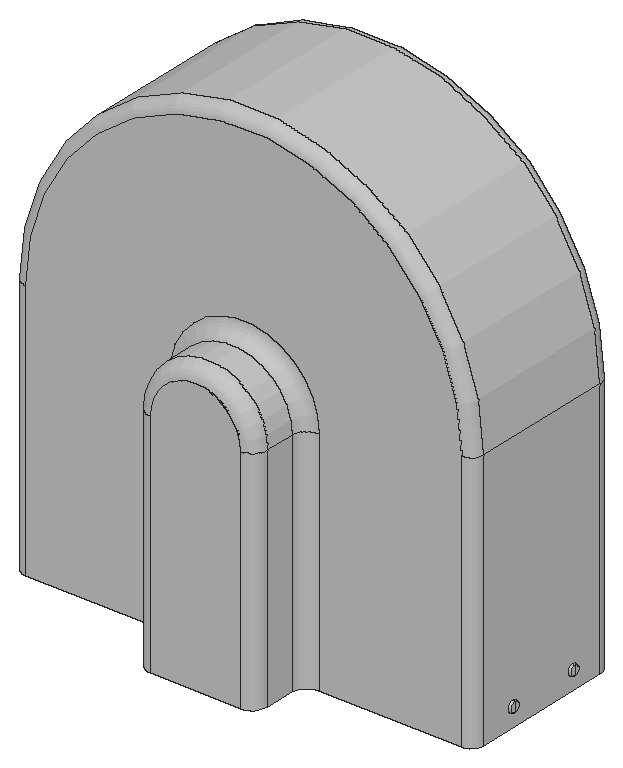
Revit family "PRD_FrankeWS_WlHngWshBsns_ANIMASingleWashbasin_ANMX460_ANMX461", category Plumbing Fixtures, host Face, Revit 2018
Family settings
  Host = Face
  Round Connector Dimension = Use Diameter
  Part Type = Normal
  OmniClass Number = 23.45.05.14.14.27
  OmniClass Title = Service Sinks
  Cut with Voids When Loaded = Yes
  Shared = Yes
  Room Calculation Point = No
Parameters (values of type "ANMX460")
  WasteSize = "DN 32"
  WasteKitIncluded = "Yes"
  WasteHoleProjection = "215.00 mm"
  WasteHolePosition = "Center back"
  WashHandBasinType = "HandRinse"
  WarrantyStartDate [instance] = "1900-12-31T23:59:59"
  WarrantyGuarantorParts = "n/a"
  WarrantyGuarantorLabor = "n/a"
  WarrantyDurationUnit = "year"
  WarrantyDurationParts = "n/a"
  WarrantyDurationLabor = "n/a"
  WarrantyDescription = "n/a"
  Version = "1"
  Uniclass2015Version = "Products v1.23"
  Uniclass2015Title = "Wall-hung washbasins"
  Uniclass2015Code = "Pr_40_20_96_96"
  URL = "www.kwc.com"
  TypeOfWasteKit = "Welded perforated waste (non removable)"
  TypeOfMounting = "Wall mounting"
  TypeOfBasin = "Wash basin"
  TapLedge = "Yes"
  TapHolePosition = "n/a"
  TapHoleDiameter = "n/a"
  TapHole = no
  TailorMade = "n/a"
  TagNumber [instance] = "n/a"
  SustainabilityPerformance = "n/a"
  Splashback = "No"
  Spillway = "n/a"
  Size = "460 x 170 x 490 mm (W x H x D)"
  SiphonIncluded = "Yes"
  SiphonDiameter = "DN 50"
  Shape = "n/a"
  SerialNumber [instance] = "n/a"
  Revision = "n/a"
  ReplacementCost = "n/a"
  RearUpstand = "No"
  ProductInformation = "https://pim.kwc.com/product/2000102710/attachment/datasheet?locale=en"
  ProductCode = "203.0521.091"
  Overflow = "n/a"
  NumberOfTapHoles = "0"
  NumberOfBowls = "1"
  NominalWidth = 460.00 mm
  NominalHeight = 170.00 mm
  NominalDepth = 490.00 mm
  NetWeight = 9.00 kg
  Name = "ANIMA Single washbasin ANMX460"
  NBSTypeID = "n/a"
  NBSReference = "45-35-70/369"
  NBSOfficeMasterTag = "n/a"
  NBSNote = "n/a"
  NBSDescription = "Wall hung wash basins"
  NBSCertification = "n/a"
  MountingOffset = 0.00 mm
  Mounting = "WallHung"
  ModelReference = "ANMX460"
  ModelNumber = "2000102710"
  Model = ModelReference  # "ANMX460"
  MaterialThickness = "1.20 mm"
  MaterialCode = "1.4301 Chrome Nickel steel V2A"
  Material = "stainless steel"
  ManufacturerURL = "www.kwc.com"
  ManufacturerName = "KWC Group AG"  # constant formula
  Manufacturer = ManufacturerName  # "KWC Group AG"
  IntegralAccessories = "fixing material included"
  InstallationDate [instance] = "1900-12-31T23:59:59"
  IfcExportType = "WASHHANDBASIN"
  IfcExportAs = "IfcSanitaryTerminalType"
  Flow = 0.0 L/s
  BowlWidth = "420.00 mm"
  BowlShape = "Circle with straight sides"
  BowlPosition = "Center"
  BowlHeight = "140.00 mm"
  BowlFinish = "Satin finish"
  BowlDepth = "360.00 mm"
  GrossWeight = 9.10 kg
  Grade = "n/a"
  Finish = "Satin finish"
  Features = "stainless steel, surface satin finished, material thickness 1.2 mm"
  ExpectedLife = "n/a"
  DurationUnit = "year"
  DrainSize = 50.00 mm
  DiameterNominal = 50.00 mm
  Description = "Single wash basin for wall-mounting, made of stainless steel, surface satin finished, material thickness 1.2 mm. Seamless wash basin in one piece with rounded edges, tap landing without tap hole, strainer waste valve, DN 40/50 siphon included, without overflow. Mounting from the front, fixing material included. Wash basin suitable for areas exposed to vandalism and wheelchair users."
  Default Elevation = 925.00 mm
  CreatedOn = "04/2022"  # constant formula
  Constituents = "n/a"
  Color = "n/a"
  CodePerformance = "n/a"
  Category = "Pr_40_20_96_96, Wall-hung washbasins"
  SinkMaterial = PRD_AR_StainlessSteel_SatinFinished
  BarCode [instance] = "n/a"
  BIMObjectName = "PRD_AR_WallHungWashbasins_ANIMASingleWashbasin_ANMX460"
  Author = "Archispace"  # constant formula
  AssetType = "Fixed"
  AssetIdentifier [instance] = "n/a"
  AccessibilityPerformance = "n/a"
Types (2, lengths in mm): name | TapHolePosition | TapHoleDiameter | TapHole | TailorMade | Spillway | ProductInformation | ProductCode | Overflow | NumberOfTapHoles | NetWeight | Name | ModelReference | ModelNumber | Model | GrossWeight | Description | BIMObjectName
  ANMX460 | "n/a" | "n/a" | no | "n/a" | "n/a" | "https://pim.kwc.com/product/2000102710/attachment/datasheet?locale=en" | "203.0521.091" | "n/a" | "0" | 9.00 kg | "ANIMA Single washbasin ANMX460" | "ANMX460" | "2000102710" | "ANMX460" | 9.10 kg | "Single wash basin for wall-mounting, made of stainless steel, surface satin finished, material thickness 1.2 mm. Seamless wash basin in one piece with rounded edges, tap landing without tap hole, strainer waste valve, DN 40/50 siphon included, without overflow. Mounting from the front, fixing material included. Wash basin suitable for areas exposed to vandalism and wheelchair users." | "PRD_AR_WallHungWashbasins_ANIMASingleWashbasin_ANMX460"
  ANMX461 | "Middle" | "35.00 mm" | yes | "No" | "No" | "https://pim.kwc.com/product/2000102711/attachment/datasheet?locale=en" | "203.0637.183" | "No" | "1" | 8.80 kg | "ANIMA Single washbasin ANMX461" | "ANMX461" | "2000102711" | "ANMX461" | 9.26 kg | "Single wash basin for wall-mounting, made of stainless steel, surface satin finished, material thickness 1.2 mm. Seamless wash basin in one piece with rounded edges, tap landing with tap hole 35 mm, strainer waste valve, DN 40/50 siphon included, without overflow. Mounting from the front, fixing material included. Wash basin suitable for areas exposed to vandalism and wheelchair users." | "PRD_AR_WallHungWashbasins_ANIMASingleWashbasin_ANMX461"
Reference planes
  plane 1 "Center (Front/Back)": y = 0
  plane 2: z = 0
  plane 3 "Center (Left/Right)": x = 0
Forms (mm)
  Extrusion 1, solid, not visible
    sketch origin (0, 0, 0) x (1, 0, 0) y (0, 1, 0)
      loop
        circle (0, 0) r 25
    from 0 to 5
Dimensions and locks
  aligned and locked: plane 2 to host face
  aligned and locked: level to host face
  aligned and locked: level to nested 1
  aligned and locked: plane 3 "Center (Left/Right)" to nested 1
Nested families
  nested 1: "Sink" at (0, -65, 0) x (1, 0, 0) z (0, 1, 0), TapHole <- "TapHole", type "Sink"
    with TapHole no
Connectors
  piping at (0, 0, 0), diameter 50, driven by "DiameterNominal", driven by "SiphonDiameter", driven by "Flow"
    settings: on nested 1, index 1, connector inside diameter 609.60 mm, connector length 0.00 mm, flow factor 0, pipe flow 0.0 L/s, pressure drop 0.0 Pa, fitting loss kfactor 0, connector angle 0.00°, fixture units 0, engagement length 0.00 mm, angle of deflection 0.00°, flow configuration 0, flow direction 2, fitting loss method 0, system type 8, joint type 0, gender type 0, connector reference index -1, connector utility 0, adjustable connector no, is connector primary yes, connector description "DN 50"
Definition of nested family "Sink"
  Parameters (values of type "Sink")
    TapHole [instance] = yes
    Material = none
    Default Elevation = 1219.20 mm
  Reference planes
    plane 1 "Center (Front/Back)": y = 0
    plane 2: z = 0
    plane 3 "Center (Left/Right)": x = 0
    plane 4: z = 230
  Forms (mm)
    Extrusion 1, solid, material <- "Material", detail levels fine
      sketch origin (0, 0, 0) x (1, 0, 0) y (0, 1, 0)
        loop
          line (-217.5, 0) -> (-217.5, -260)
          arc (-217.5, -260) -> (0, -477.5) -> (217.5, -260) r 217.5
          line (217.5, -260) -> (217.5, 0) -> (-217.5, 0)
      from 60 to 230
    Sweep 2, solid, material <- "Material", detail levels fine
      path in 3D
        loop
          line (217.5, 0, 230) -> (217.5, -260, 230)
          arc (217.5, -260, 230) -> (0, -477.5, 230) -> (-217.5, -260, 230) r 217.5
          line (-217.5, -260, 230) -> (-217.5, 0, 230)
      profile origin (0, -477.5, 230) x (0, -1, 0) y (0, 0, 1)
        loop
          line (0, 0) -> (0, -170)
          arc (0, -170) -> (8.839, -166.339) -> (12.5, -157.5) r 12.5
          line (12.5, -157.5) -> (12.5, -12.5)
          arc (12.5, -12.5) -> (8.839, -3.661) -> (0, 0) r 12.5
    Extrusion 3, solid, material <- "Material", detail levels fine
      sketch origin (0, 0, 0) x (1, 0, 0) y (0, 1, 0)
        loop
          line (-45, 0) -> (-45, -230)
          arc (-45, -230) -> (0, -275) -> (45, -230) r 45
          line (45, -230) -> (45, 0) -> (-45, 0)
      from 0 to 60
    Sweep 4, solid, material <- "Material", detail levels fine
      path in 3D
        loop
          line (-45, 0, 0) -> (-45, -230, 0)
          arc (-45, -230, 0) -> (0, -275, 0) -> (45, -230, 0) r 45
          line (45, -230, 0) -> (45, 0, 0)
      profile origin (0, -275, 0) x (0, -1, 0) y (0, 0, -1)
        loop
          line (0, 0) -> (0, -60) -> (30, -60)
          arc (30, -60) -> (19.393, -55.607) -> (15, -45) r 15
          line (15, -45) -> (15, -15)
          arc (15, -15) -> (10.607, -4.393) -> (0, 0) r 15
    Extrusion 5, void
      sketch origin (0, 0, 0) x (1, 0, 0) y (0, 1, 0)
        loop
          line (-215.479, -221.821) -> (-215.479, -259.995)
          arc (-215.479, -259.995) -> (0, -475.474) -> (215.479, -259.995) r 215.479
          line (215.479, -259.995) -> (215.479, -221.821)
          arc (215.479, -221.821) -> (182.587, -142.413) -> (103.179, -109.521) r 112.3
          line (103.179, -109.521) -> (-103.179, -109.521)
          arc (-103.179, -109.521) -> (-182.587, -142.413) -> (-215.479, -221.821) r 112.3
      from 90 to 230
    Sweep 6, solid, material <- "Material", detail levels fine
      path origin (0, 0, 0) x (1, 0, 0) y (0, 1, 0)
        loop
          arc (-103.179, -121.821) -> (-173.889, -151.111) -> (-203.179, -221.821) r 100
          line (-203.179, -221.821) -> (-203.179, -259.995)
          arc (-203.179, -259.995) -> (0, -463.174) -> (203.179, -259.995) r 203.179
          line (203.179, -259.995) -> (203.179, -221.821)
          arc (203.179, -221.821) -> (173.889, -151.111) -> (103.179, -121.821) r 100
          line (103.179, -121.821) -> (-103.179, -121.821)
      profile origin (0, -121.821, 0) x (0, 1, 0) y (0, 0, 1)
        loop
          line (12.3, 90) -> (12.3, 230) -> (11.384, 230)
          arc (11.384, 230) -> (4.059, 227.334) -> (0.161, 220.583) r 11.396
          line (0.161, 220.583) -> (-14.122, 139.581)
          arc (-14.122, 139.581) -> (-34.643, 104.037) -> (-73.21, 90) r 60
          line (-73.21, 90) -> (12.3, 90)
    Extrusion 7, void
      sketch origin (0, -1.25, 0) x (1, 0, 0) y (0, 1, 0)
        loop
          arc (-1.75, -207) -> (0, -208.75) -> (1.75, -207) r 1.75
          line (1.75, -207) -> (1.75, -195)
          arc (1.75, -195) -> (0, -193.25) -> (-1.75, -195) r 1.75
          line (-1.75, -195) -> (-1.75, -207)
        loop
          circle (6.584, -196.911) r 2.5
        loop
          arc (-6.483, -209.997) -> (-4.017, -210.212) -> (-3.802, -207.747) r 1.75
          line (-3.802, -207.747) -> (-11.515, -198.554)
          arc (-11.515, -198.554) -> (-13.981, -198.339) -> (-14.196, -200.804) r 1.75
          line (-14.196, -200.804) -> (-6.483, -209.997)
        loop
          circle (-6.584, -196.911) r 2.5
        loop
          arc (-8.182, -215.334) -> (-6.155, -213.915) -> (-7.575, -211.887) r 1.75
          line (-7.575, -211.887) -> (-19.392, -209.804)
          arc (-19.392, -209.804) -> (-21.42, -211.223) -> (-20, -213.25) r 1.75
          line (-20, -213.25) -> (-8.182, -215.334)
        loop
          circle (-16.671, -205.375) r 2.5
        loop
          arc (-6.053, -220.516) -> (-5.413, -218.125) -> (-7.803, -217.484) r 1.75
          line (-7.803, -217.484) -> (-18.196, -223.484)
          arc (-18.196, -223.484) -> (-18.836, -225.875) -> (-16.446, -226.516) r 1.75
          line (-16.446, -226.516) -> (-6.053, -220.516)
        loop
          circle (-18.958, -218.343) r 2.5
        loop
          arc (-1.092, -223.116) -> (-2.138, -220.873) -> (-4.381, -221.919) r 1.75
          line (-4.381, -221.919) -> (-8.485, -233.195)
          arc (-8.485, -233.195) -> (-7.439, -235.438) -> (-5.196, -234.392) r 1.75
          line (-5.196, -234.392) -> (-1.092, -223.116)
        loop
          circle (-12.374, -229.746) r 2.5
        loop
          arc (4.381, -221.919) -> (2.138, -220.873) -> (1.092, -223.116) r 1.75
          line (1.092, -223.116) -> (5.196, -234.392)
          arc (5.196, -234.392) -> (7.439, -235.438) -> (8.485, -233.195) r 1.75
          line (8.485, -233.195) -> (4.381, -221.919)
        loop
          circle (0, -234.25) r 2.5
        loop
          arc (7.803, -217.484) -> (5.413, -218.125) -> (6.053, -220.516) r 1.75
          line (6.053, -220.516) -> (16.446, -226.516)
          arc (16.446, -226.516) -> (18.836, -225.875) -> (18.196, -223.484) r 1.75
          line (18.196, -223.484) -> (7.803, -217.484)
        loop
          circle (12.374, -229.746) r 2.5
        loop
          arc (7.575, -211.887) -> (6.155, -213.915) -> (8.182, -215.334) r 1.75
          line (8.182, -215.334) -> (20, -213.25)
          arc (20, -213.25) -> (21.42, -211.223) -> (19.392, -209.804) r 1.75
          line (19.392, -209.804) -> (7.575, -211.887)
        loop
          circle (18.958, -218.343) r 2.5
        loop
          arc (3.802, -207.747) -> (4.017, -210.212) -> (6.483, -209.997) r 1.75
          line (6.483, -209.997) -> (14.196, -200.804)
          arc (14.196, -200.804) -> (13.981, -198.339) -> (11.515, -198.554) r 1.75
          line (11.515, -198.554) -> (3.802, -207.747)
        loop
          circle (16.671, -205.375) r 2.5
      from 88.801 to 90
    Extrusion 8, solid, material <- "Material", detail levels medium
      sketch origin (0, 0, 0) x (1, 0, 0) y (0, 1, 0)
        loop
          line (-230, 0) -> (-230, -260)
          arc (-230, -260) -> (0, -490) -> (230, -260) r 230
          line (230, -260) -> (230, 0) -> (-230, 0)
      from 60 to 230
    Extrusion 9, solid, material <- "Material", detail levels medium
      sketch origin (0, 0, 0) x (1, 0, 0) y (0, 1, 0)
        loop
          line (-75, 0) -> (-75, -230)
          arc (-75, -230) -> (0, -305) -> (75, -230) r 75
          line (75, -230) -> (75, 0) -> (-75, 0)
      from 0 to 60
    Extrusion 10, void
      sketch origin (-500, 0, 0) x (1, 0, 0) y (0, 1, 0)
        loop
          line (603.179, -121.821) -> (396.821, -121.821)
          arc (396.821, -121.821) -> (326.111, -151.111) -> (296.821, -221.821) r 100
          line (296.821, -221.821) -> (296.821, -259.995)
          arc (296.821, -259.995) -> (500, -463.174) -> (703.179, -259.995) r 203.179
          line (703.179, -259.995) -> (703.179, -221.821)
          arc (703.179, -221.821) -> (673.889, -151.111) -> (603.179, -121.821) r 100
      from 90 to 230
    Extrusion 11, solid, material <- "Material", detail levels coarse
      sketch origin (0, 0, 0) x (1, 0, 0) y (0, 1, 0)
        loop
          line (-230, 0) -> (-230, -260)
          arc (-230, -260) -> (0, -490) -> (230, -260) r 230
          line (230, -260) -> (230, 0) -> (-230, 0)
      from 0 to 230
    Revolve 12, solid, material <- "Material", detail levels fine
      sketch origin (0, 0, 107.3) x (1, 0, 0) y (0, 1, 0)
        loop
          line (-233.2, -20) -> (-230, -20) -> (-230, -14.643)
          arc (-230, -14.643) -> (-231.649, -14.846) -> (-233.2, -15.444) r 6.795
          line (-233.2, -15.444) -> (-233.2, -20)
        axis (-230, -20) -> (-233.2, -20)
      angle from 0 to 360
    Revolve 13, solid, material <- "Material", detail levels fine
      sketch origin (0, 0, 182.3) x (1, 0, 0) y (0, 1, 0)
        loop
          line (-233.2, -20) -> (-230, -20) -> (-230, -14.643)
          arc (-230, -14.643) -> (-231.649, -14.846) -> (-233.2, -15.444) r 6.795
          line (-233.2, -15.444) -> (-233.2, -20)
        axis (-230, -20) -> (-233.2, -20)
      angle from 0 to 360
    Revolve 14, solid, material <- "Material", detail levels fine
      sketch origin (0, 0, 107.3) x (-1, 0, 0) y (0, -1, 0)
        loop
          line (-233.2, 20) -> (-233.2, 15.444)
          arc (-233.2, 15.444) -> (-231.649, 14.846) -> (-230, 14.643) r 6.795
          line (-230, 14.643) -> (-230, 20) -> (-233.2, 20)
        axis (-230, 20) -> (-233.2, 20)
      angle from 0 to 360
    Revolve 15, solid, material <- "Material", detail levels fine
      sketch origin (0, 0, 182.3) x (-1, 0, 0) y (0, -1, 0)
        loop
          line (-233.2, 20) -> (-233.2, 15.444)
          arc (-233.2, 15.444) -> (-231.649, 14.846) -> (-230, 14.643) r 6.795
          line (-230, 14.643) -> (-230, 20) -> (-233.2, 20)
        axis (-230, 20) -> (-233.2, 20)
      angle from 0 to 360
  Cuts and joins
    Extrusion 5, Extrusion 7 cuts Extrusion 1
    Extrusion 5 cuts Sweep 2
    joined: Extrusion 1, Sweep 2, Extrusion 3, Sweep 4, Sweep 6
    Extrusion 10 cuts Extrusion 8
  Lines and regions (mm)
    sketch lines
      curve 1: arc (217.5, -260, 230) -> (0, -477.5, 230) -> (-217.5, -260, 230) r 217.5
      curve 2: line (217.5, -260, 230) -> (217.5, 0, 230)
      curve 3: line (-217.5, 0, 230) -> (-217.5, -260, 230)
      curve 4: arc (-45, -230, 0) -> (0, -275, 0) -> (45, -230, 0) r 45
      curve 5: line (-45, -230, 0) -> (-45, 0, 0)
      curve 6: line (45, 0, 0) -> (45, -230, 0)
    model lines, visible <- "TapHole"
      curve 7: circle (0, -56, 230) r 17.5 normal (0, 0, 1)
  Dimensions and locks
    aligned and locked: level to plane 2
